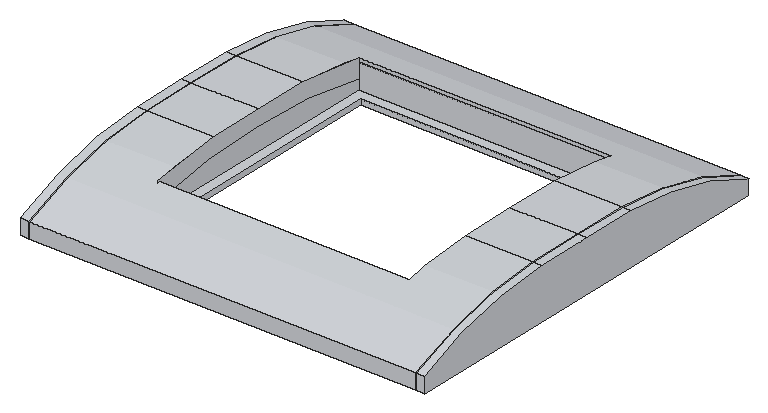
Revit family "Gira_1002806", category Electrical Fixtures, host Face, Revit 2017
Family settings
  Host = Face
  Maintain Annotation Orientation = No
  Round Connector Dimension = Use Diameter
  Part Type = Normal
  Cut with Voids When Loaded = No
  Shared = No
  Room Calculation Point = No
Parameters (values of type "Cov.fr. 2-g w/o cb interm.fr. C Alu Gira Event p.white")
  With mounting grid = "No"
  With hinged lid = "No"
  URL = "http://katalog.gira.de/en/datenblatt.html?artikelnr=1002806"
  Type of fastening = "Clamp mounting"
  Transparent = "No"
  Surface protection = "Other"
  Suitable for wall duct = "No"
  Suitable for flush-mounted installation = "Yes"
  Suitable for floor box = "No"
  Suitable for built-in installation = "No"
  Number of units vertical = "2"
  Number of units horizontal = "2"
  Number of units = "2"
  Name = "Cov.fr. 2-g w/o cb interm.fr. C Alu Gira Event p.white"
  Mounting direction = "Horizontal and vertical"
  Material quality = "Thermoplastic"
  Material = "Plastic"
  Manufacturer URL = "https://www.gira.de/"
  Manufacturer = "Gira"
  Label space/information surface = "No"
  Keynote = ""
  HeinzeBIM = "https://bimportal.heinze.de/bim/cov-fr-2-g-w-o-cb-interm-fr-c-alu-gira-event-p-white/b9d069d244d693a11e487360696cc062446ceedb"
  Halogen free = "Yes"
  HAN = "1002806"
  GTIN = "4010337070399"
  Description = "Cov.fr.2g w o cb i.fr.CAl Event PW,Gira Event frames,pure white glossy with colour aluminium intermediate frame,2-gang without crossbar,Features:,- Shatter-proof."
  Degree of protection (IP) = "IP20"
  Default Elevation = 1219.2 mm
  Data sheet (1) = "https://katalog.gira.de/en/download.html?artikelnr=1002806"
  Colour = "White"
  Category = "Cover frame for domestic switching devices"
  BIM (1) = "https://media.stage.bim.site/public/gira/36a6b08/Event_Rahmen_2fach o.Mittelsteg.rfa?public/gira/36a6b08/Event_Rahmen_2fach o.Mittelsteg.rfa"
  Available = "No"
Reference planes
  plane 1 "Center (Front/Back)": y = 0
  plane 2: z = 0
  plane 3 "Center (Left/Right)": x = 0
Forms (mm)
  Extrusion 1, solid, detail levels fine
    sketch origin (0, 0, 1.55) x (0, 1, 0) y (0, 0, 1)
      loop
        arc (12.445, 9.683) -> (6.223, 9.833) -> (0, 9.85) r 291.636
        arc (0, 9.85) -> (-6.223, 9.833) -> (-12.445, 9.683) r 291.636
        arc (-12.445, 9.683) -> (-29.14, 7.482) -> (-45, 1.823) r 79.728
        line (-45, 1.823) -> (-45, -1.55) -> (-41.777, -1.55) -> (-41.777, -0.55)
        arc (-41.777, -0.55) -> (-21.205, 4.846) -> (0, 6.467) r 118.15
        arc (0, 6.467) -> (21.205, 4.846) -> (41.777, -0.55) r 118.15
        line (41.777, -0.55) -> (41.777, -1.55) -> (45, -1.55) -> (45, 1.823)
        arc (45, 1.823) -> (29.14, 7.482) -> (12.445, 9.683) r 79.728
    from -43 to 43
  Extrusion 2, void, detail levels fine
    sketch origin (0, 0, 0) x (1, 0, 0) y (0, 1, 0)
      loop
        line (-28, -28) -> (28, -28) -> (28, 28) -> (-28, 28) -> (-28, -28)
    from 2.85 to 12
  Extrusion 3, solid, detail levels coarse
    sketch origin (0, 0, 0) x (1, 0, 0) y (0, 1, 0)
      loop
        line (-45, 45) -> (-45, -45) -> (45, -45) -> (45, 45) -> (-45, 45)
    from 0 to 11.4
  Extrusion 4, solid, detail levels medium
    sketch origin (0, 0, 1.55) x (0, 1, 0) y (0, 0, 1)
      loop
        arc (12.445, 9.683) -> (6.223, 9.833) -> (0, 9.85) r 291.636
        arc (0, 9.85) -> (-6.223, 9.833) -> (-12.445, 9.683) r 291.636
        arc (-12.445, 9.683) -> (-29.14, 7.482) -> (-45, 1.823) r 79.728
        line (-45, 1.823) -> (-45, -1.55) -> (45, -1.55) -> (45, 1.823)
        arc (45, 1.823) -> (29.14, 7.482) -> (12.445, 9.683) r 79.728
    from -45 to 45
  Extrusion 5, solid, detail levels fine
    sketch origin (0, 0, 0) x (0, 1, 0) y (0, 0, 1)
      loop
        arc (45, 3.373) -> (29.14, 9.032) -> (12.445, 11.233) r 79.728
        arc (12.445, 11.233) -> (6.223, 11.383) -> (0, 11.4) r 291.636
        arc (0, 11.4) -> (-6.223, 11.383) -> (-12.445, 11.233) r 291.636
        arc (-12.445, 11.233) -> (-29.14, 9.032) -> (-45, 3.373) r 79.728
        line (-45, 3.373) -> (-45, 0) -> (45, 0) -> (45, 3.373)
    from 43 to 45
  Extrusion 6, solid, detail levels fine
    sketch origin (0, 0, 0) x (0, 1, 0) y (0, 0, -1)
      loop
        line (45, -3.373) -> (45, 0) -> (-45, 0) -> (-45, -3.373)
        arc (-45, -3.373) -> (-29.14, -9.032) -> (-12.445, -11.233) r 79.728
        arc (-12.445, -11.233) -> (-6.223, -11.383) -> (0, -11.4) r 291.636
        arc (0, -11.4) -> (6.223, -11.383) -> (12.445, -11.233) r 291.636
        arc (12.445, -11.233) -> (29.14, -9.032) -> (45, -3.373) r 79.728
    from 43 to 45
  Extrusion 7, solid, detail levels fine
    sketch origin (0, 0, 0) x (1, 0, 0) y (0, 1, 0)
      loop
        line (-25.7, 25.7) -> (-25.7, -25.7) -> (25.7, -25.7) -> (25.7, 25.7) -> (-25.7, 25.7)
      loop
        line (-29.495, 27.895) -> (-29.495, -27.895)
        spline (-29.495, -27.895) -> (-29.486, -28.025) -> (-29.461, -28.154) -> (-29.419, -28.278) -> (-29.361, -28.395) -> (-29.288, -28.504) -> (-29.202, -28.602) -> (-29.104, -28.688) -> (-28.995, -28.761) -> (-28.878, -28.819) -> (-28.754, -28.861) -> (-28.625, -28.886) -> (-28.495, -28.895)
        line (-28.495, -28.895) -> (28.495, -28.895)
        spline (28.495, -28.895) -> (28.625, -28.886) -> (28.754, -28.861) -> (28.878, -28.819) -> (28.995, -28.761) -> (29.104, -28.688) -> (29.202, -28.602) -> (29.288, -28.504) -> (29.361, -28.395) -> (29.419, -28.278) -> (29.461, -28.154) -> (29.486, -28.025) -> (29.495, -27.895)
        line (29.495, -27.895) -> (29.495, 27.895)
        spline (29.495, 27.895) -> (29.486, 28.025) -> (29.461, 28.154) -> (29.419, 28.278) -> (29.361, 28.395) -> (29.288, 28.504) -> (29.202, 28.602) -> (29.104, 28.688) -> (28.995, 28.761) -> (28.878, 28.819) -> (28.754, 28.861) -> (28.625, 28.886) -> (28.495, 28.895)
        line (28.495, 28.895) -> (-28.495, 28.895)
        spline (-28.495, 28.895) -> (-28.625, 28.886) -> (-28.754, 28.861) -> (-28.878, 28.819) -> (-28.995, 28.761) -> (-29.104, 28.688) -> (-29.202, 28.602) -> (-29.288, 28.504) -> (-29.361, 28.395) -> (-29.419, 28.278) -> (-29.461, 28.154) -> (-29.486, 28.025) -> (-29.495, 27.895)
    from 1.673 to 8.5
Cuts and joins
  Extrusion 2 cuts Extrusion 1
  Extrusion 2 cuts Extrusion 7
Dimensions and locks
  aligned and locked: plane 2 to host face
  aligned and locked: level to host face
